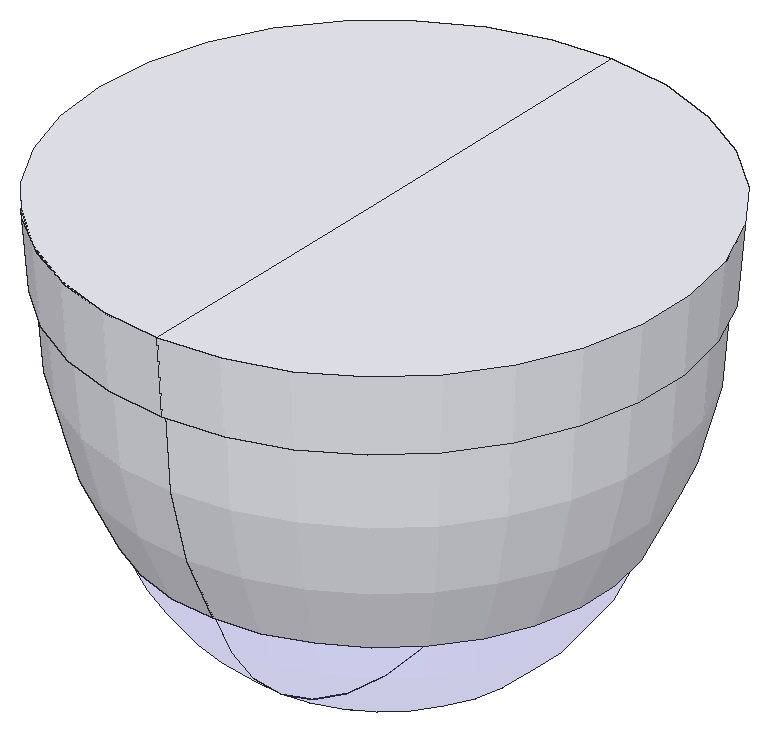
Revit family "PD4 C AP types Sans hôte", category Dispositifs d'éclairage, Revit 2019
Family settings
  Conserver l'orientation des annotations = Non
  Cote de connecteur circulaire = Utiliser le diamètre
  Type d'élément = Normal
  Basée sur le plan de construction = Oui
  Toujours verticalement = Oui
  Couper avec des vides une fois chargée = Non
  Partagée = Non
  Point de calcul de pièce = Non
Parameters (values of type "01- PD4 C AP Générique")
  zone detection 2800 [instance] = Position en hauteur < 280.1 cm  # yes
  Zone de detection [instance] = no
  URL = "http://www.luxomat.com"
  Type de Sortie = ""
  Température ambiante = "-25°C à +50°C"
  Référence = ""
  Relais = ""
  Position en hauteur [instance] = 250 cm
  Portée frontale 360° [instance] = 800 cm  # constant formula
  Portée frontale 180° [instance] = 2000 cm  # constant formula
  Portée de biais [instance] = 4000 cm  # constant formula
  Mode de pose = "Saillie"
  Hauteur de montage max préconisée [instance] = Hauteur de montage max  # 280 cm
  Hauteur de montage max = 280 cm
  Etiquette [instance] = yes
  Modèle = "PD4 C AP"
  Marque = "LUXOMAT"
  Image du type = COULOIR.jpg
  IP = "44 ou 54"
  Fabricant = "B.E.G."
  Default Elevation = 0 cm
  Consommation = ""
  Commentaires du type = "DET.PRES.SPECIAL COULOIR.180/360°/2x10M APPARENT"
  Code d'assemblage = "D5010200"
  Classe = "II"
  Charge LED = ""
  Charge Cos ɸ =1 = ""
  Charge Cos ɸ =0.5 = ""
  Alimentation = "110-240 V AC"
Types (16, lengths in cm): name | URL | Type de Sortie | Référence | Relais | Modèle | IP | Consommation | Commentaires du type | Charge LED | Charge Cos ɸ =1 | Charge Cos ɸ =0.5 | Alimentation
  (no name) | "http://www.luxomat.com" | "" | "" | "" | "PD4 C AP" | "44 ou 54" | "" | "DET.PRES.SPECIAL COULOIR.180/360°/2x10M APPARENT" | "" | "" | "" | "110-240 V AC"
  01- PD4 C AP Générique | "http://www.luxomat.com" | "" | "" | "" | "PD4 C AP" | "44 ou 54" | "" | "DET.PRES.SPECIAL COULOIR.180/360°/2x10M APPARENT" | "" | "" | "" | "110-240 V AC"
  02- PD4N 1C C AP réf 92270 | "http://www.luxomat.com" | "TOR" | "92270" | "10 A" | "PD4N 1C C AP" | "44" | "0,25 W" | "DET.MOUV.SPECIAL COULOIR.1 CONTACT.180/360°/2x10M APPARENT" | "300 W" | "2300 W" | "1150 VA" | "110-240 V AC"
  03- PD4 M 1C C AP réf 92587 | "http://www.luxomat.fr" | "TOR" | "92587" | "10 A" | "PD4 M 1C C AP" | "54" | "0.45 W" | "DET.PRES.SPECIAL COULOIR.MAITRE.1 CONTACT.180/360°/2x10M APPARENT" | "300 W" | "2300 W" | "1150 VA" | "110-240 V AC"
  04- PD4 M 1C C SP AP réf 92485 | "http://www.luxomat.com" | "TOR / Sécurité Positive" | "92485" | "10 A" | "PD4 M 1C C SP AP" | "54" | "0,45 W" | "DET.PRES.SPECIAL COULOIR.MAITRE.1 CONTACT.SECURITE POSITIVE.180/360°/2x10M APPARENT" | "300 W" | "2300 W" | "1150 VA" | "110-240 V AC"
  05- PD4 M 2C C AP réf 92440 | "http://www.luxomat.com" | "TOR + CVC" | "92440" | "10 A / 3 A" | "PD4 M 2C C AP" | "54" | "0,47 W" | "DET.PRES.SPECIAL COULOIR.MAITRE.2 CONTACTS.180/360°/2x10M APPARENT" | "300 W" | "2300 W" | "1150 VA" | "110-240 V AC"
  08- PD4 M DIM C AP réf 92218 | "http://www.luxomat.com" | "DIM (50 ballasts maxi)" | "92218" | "10 A" | "PD4 M DIM C AP" | "54" | "0,50 W" | "DET.PRES.SPECIAL COULOIR.MAITRE.DIM(1-10V).180/360°/2x10M APPARENT" | "300 W" | "2300 W" | "1150 VA" | "110-240 V AC"
  06- PD4N M DACO C AP réf 93460 | "http://www.luxomat.com" | "DALI 2  (40 drivers maxi)" | "93460+93465+93073" | "0" | "PD4N M DACO C AP" | "54" | "2 W" | "DET.PRES.SPECIAL COULOIR.MAITRE.DALI 2.180/360°/2x10M APPARENT + KIT AP réf 93465 + Lentille Couloir réf 93073" | "0" | "0" | "0" | "110-240 V AC"
  13- PD4N KNX C DX AP réf 93389 | "http://www.luxomat.com" | "KNX - 1 sortie Eclairage TOR ou GRADATION / 3 sorties Présence / Capteur de température et bruit" | "93389+93307" | "0" | "PD4N KNX C DX AP" | "54" | "12 mA" | "DET.PRES.SPECIAL COULOIR.KNX.VERSION DELUXE.180/360°/2x10M ENCASTRE + KIT AP réf 93307" | "0" | "0" | "0" | "24 V DC par Bus KNX"
  09- PD4 S C AP réf 92442 | "http://www.luxomat.com" | "Esclave" | "92442" | "0" | "PD4 S C AP" | "54" | "0,25 W" | "DET.PRES.SPECIAL COULOIR.ESCLAVE.180/360°/2x10M APPARENT" | "0" | "0" | "0" | "110-240 V AC"
  12- PD4N BMS DALI 2 C AP réf 93546 | "http://www.luxomat.com" | "DALI 2 adressable - BMS" | "93546+93307+93073" | "0" | "PD4N BMS DALI 2 C AP" | "54" | "7 mA" | "MULTI.CAPTEUR.PRES.SPECIAL COULOIR.BMS.DALI2.180/360°/2x10M APPARENT + KIT AP réf 93307 + Lentille Couloir réf 93073" | "0" | "0" | "0" | "10-22 V DC par Bus DALI"
  11- PD4N DALISYS C AP réf 93340 | "http://www.luxomat.com" | "DALI adressable" | "93340+93307+93073" | "0" | "PD4N DALISYS C AP" | "54" | "7 mA" | "MULTI.CAPTEUR.PRES.SPECIAL COULOIR.DALILINK.180/360°/2x10M ENCASTRE + KIT AP réf 93307 + Lentille Couloir réf 93073\r\nMULTI.CAPTEUR.PRES.SPECIAL COULOIR.DALILINK.180/360°/2x10M ENCASTRE + KIT AP réf 93307 + Lentille Couloir réf 93073\r\nMULTI.CAPTEUR.PRES.SPECIAL COULOIR.DALISYS.180/360°/2x10M ENCASTRE + KIT AP réf 93307 + Lentille Couloir réf 93073" | "0" | "0" | "0" | "10-22 V DC par Bus DALI"
  10- PD4N DALILINK C AP réf 93377 | "http://www.luxomat.com" | "DALILINK" | "93377+93307+93073" | "0" | "PD4N DALILINK C AP" | "54" | "7 mA" | "MULTI.CAPTEUR.PRES.SPECIAL COULOIR.DALILINK.180/360°/2x10M ENCASTRE + KIT AP réf 93307 + Lentille Couloir réf 93073\r\nMULTI.CAPTEUR.PRES.SPECIAL COULOIR.DALILINK.180/360°/2x10M ENCASTRE + KIT AP réf 93307 + Lentille Couloir réf 93073\r\nMULTI.CAPTEUR.PRES.SPECIAL COULOIR.DALISYS.180/360°/2x10M ENCASTRE + KIT AP réf 93307 + Lentille Couloir réf 93073" | "0" | "0" | "0" | "16 V DC par Bus DALI"
  14- PD4N KNXs C ST AP réf 93515 | "http://www.luxomat.com" | "KNX Sécure - 1 sortie Eclairage TOR ou GRADATION / 3 sorties Présence / HCL" | "93515+93307+93073" | "0" | "PD4N KNXs C ST AP" | "54" | "12 mA" | "DET.PRES.SPECIAL COULOIR.KNX Sécure.VERSION STANDARD.180/360°/2x10M ENCASTRE + KIT AP réf 93307 + Lentille Couloir réf 93073" | "0" | "0" | "0" | "24 V DC par Bus KNX"
  15- PD4N KNXs C DX AP réf 93517 | "http://www.luxomat.com" | "KNX Sécure - 1 sortie Eclairage TOR ou GRADATION / 3 sorties Présence / Capteur de température et bruit / HCL" | "93517+93307+93073" | "0" | "PD4N KNXs C DX AP" | "54" | "12 mA" | "DET.PRES.SPECIAL COULOIR.KNX Sécure.VERSION DELUXE.180/360°/2x10M ENCASTRE + KIT AP réf 93307 + Lentille Couloir réf 93073" | "0" | "0" | "0" | "24 V DC par Bus KNX"
  07- PD4N M DACO 1C C AP réf 93463 | "http://www.luxomat.com" | "DALI 2 (40 drivers maxi) + Contact NO" | "93463+93465+93073" | "10 A" | "PD4N M DACO 1C C AP" | "54" | "2 W" | "DET.PRES.SPECIAL COULOIR.MAITRE.DALI 2 + CONTACT NO.180/360°/2x10M APPARENT + KIT AP réf 93465 + Lentille Couloir réf 93073" | "300 W" | "2300 W" | "1150 VA" | "110-240 V AC"
Reference planes (cm)
  plane 1 "Centre (avant/arrière)": y = 0
  plane 2: z = 0
  plane 3 "Centre (gauche/droite)": x = 0
Dimensions and locks (cm)
  aligned and locked: level to plane 2
  aligned and locked: nested 2 to plane 3 "Centre (gauche/droite)"
  aligned and locked: nested 2 to plane 1 "Centre (avant/arrière)"
  aligned and locked: nested 2 to nested 3  (x2)
  aligned and locked: nested 2 to nested 4  (x2)
Nested families (cm)
  nested 1: "Famille4" at (6, -62.0756, 0), visible <- "Etiquette", modèle <- "Modèle", référence <- "Référence", type "Famille4"
    with référence "", modèle "PD4 C AP"
  nested 2: "zone I" at (0, 0, 0), visible <- "Zone de detection", zone 2800 <- "zone detection 2800", type "zone I"
    with zone 2800 yes, biais 2400 cm
  nested 3: "Symbole plafond 2D couloir" at (0, 0, 0), type "Symbole plafond 2D couloir"
  nested 4: "M14" at (0, 0, 0), type "Standard"
Connectors (cm)
  electrical at (0, 0, 0)
    settings: index 1, voltage 230 V, apparent load 0 VA, apparent load phase1 0 VA, apparent load phase2 0 VA, apparent load phase3 0 VA, power factor 1, load classification "Eclairage", number of poles 1, system type 31, power factor state 1, is connector primary yes, connector utility no, sub classification motor no, connector description ""
Definition of nested family "M14"
  Reference planes (cm)
    plane 1 "Centre (avant/arrière)": y = 0
    plane 2: z = 0
    plane 3 "Centre (gauche/droite)": x = 0
    plane 4: x = 0
  Forms (cm)
    Revolve 1, solid
      sketch origin (0, 0, 0) x (0, -1, 0) y (0, 0, 1)
        loop
          line (0, 0) -> (-5.05, 0) -> (-4.9363, -1.3) -> (-4.8363, -1.3)
          arc (-4.8363, -1.3) -> (-4.577, -3.2225) -> (-3.8, -5) r 7
          line (-3.8, -5) -> (0, -5) -> (0, 0)
        axis (0, 0) -> (0, -5)
      angle from 0 to 360
    Revolve 2, solid
      sketch origin (0, 0, 0) x (0, -1, 0) y (0, 0, 1)
        loop
          line (0, -7.6) -> (0, -5) -> (-3.75, -5)
          arc (-3.75, -5) -> (-2.2816, -6.8864) -> (0, -7.6) r 4.0043
        axis (0, -5) -> (0, -7.6)
      angle from 0 to 360
    Revolve 3, solid, not visible
      sketch origin (0, 0, 0) x (0, -1, 0) y (0, 0, 1)
        loop
          line (0, 0) -> (-5.05, 0) -> (-4.9363, -1.3) -> (-4.8363, -1.3)
          arc (-4.8363, -1.3) -> (-4.577, -3.2225) -> (-3.8, -5) r 7
          line (-3.8, -5) -> (0, -5) -> (0, 0)
        axis (0, 0) -> (0, -5)
      angle from 0 to 360
    Revolve 4, solid, not visible
      sketch origin (0, 0, 0) x (0, -1, 0) y (0, 0, 1)
        loop
          line (0, -7.6) -> (0, -5) -> (-3.75, -5)
          arc (-3.75, -5) -> (-2.2816, -6.8864) -> (0, -7.6) r 4.0043
        axis (0, -5) -> (0, -7.6)
      angle from 0 to 360
  Dimensions and locks (cm)
    aligned and locked: level to plane 2
Definition of nested family "Famille4"
  Parameters (values of type "Famille4")
    référence [instance] = ""
    modèle [instance] = ""
  Reference planes (cm)
    plane 1: y = 0
    plane 2: x = 0
  Text (cm)
    label "référence\nmodèle" at (-0.0547, 0.0091, 0), shows "référence", "modèle"
Definition of nested family "zone I"
  Parameters (values of type "zone I")
    zone 2800 [instance] = yes
    frontale 360° [instance] = 800 cm
    biais [instance] = 4000 cm
    frontale 180° [instance] = 2000 cm
  Reference planes (cm)
    plane 1 "Centre (avant/arrière)": y = 0
    plane 2: z = 0
    plane 3 "Centre (gauche/droite)": x = 0
    plane 4: x = 1000
    plane 5: x = -1000
    plane 6: y = 150
    plane 7: y = -150
    plane 8 "Centre (avant/arrière)": y = 0
    plane 9 "Centre (gauche/droite)": x = 0
    plane 10 "Centre (avant/arrière)": y = 0
    plane 11 "Centre (gauche/droite)": x = 0
  Lines and regions (cm)
    detail lines, in view "Niveau de réf.", visible <- "zone 2800"
      curve 1: line (628.4735, 0, 0) -> (545.5285, 0, 0)
      curve 2: line (545.5285, 0, 0) -> (573.8969, -22.1638, 0)
      curve 3: line (545.5285, 0, 0) -> (573.8969, 22.1638, 0)
      curve 4: line (0, -303.6554, 0) -> (0, -220.7104, 0)
      curve 5: line (0, -220.7104, 0) -> (-22.1638, -249.0788, 0)
      curve 6: line (0, -220.7104, 0) -> (22.1638, -249.0788, 0)
      curve 7: spline (-372.7692, 145.0624, 0) -> (-523.6863, 149.8316, 0) -> (-672.4215, 140.7991, 0) -> (-805.2741, 118.7969, 0) -> (-910.0066, 85.8517, 0) -> (-976.9713, 44.9984, 0) -> (-1000, 0, 0) -> (-976.9713, -44.9984, 0) -> (-910.0066, -85.8517, 0) -> (-805.2741, -118.7969, 0) -> (-672.4215, -140.7991, 0) -> (-523.6863, -149.8316, 0) -> (-372.7692, -145.0624, 0)
      curve 8: arc (-372.7692, -145.0624, 0) -> (0, -400, 0) -> (372.7692, -145.0624, 0) r 400
      curve 9: spline (372.7692, 145.0624, 0) -> (523.6863, 149.8316, 0) -> (672.4215, 140.7991, 0) -> (805.2741, 118.7969, 0) -> (910.0066, 85.8517, 0) -> (976.9713, 44.9984, 0) -> (1000, 0, 0) -> (976.9713, -44.9984, 0) -> (910.0066, -85.8517, 0) -> (805.2741, -118.7969, 0) -> (672.4215, -140.7991, 0) -> (523.6863, -149.8316, 0) -> (372.7692, -145.0624, 0)
      curve 10: arc (372.7692, 145.0624, 0) -> (0, 400, 0) -> (-372.7692, 145.0624, 0) r 400
    detail lines, in view "Niveau de réf.", visible <- "zone 2800", not visible
      curve 11: line (628.0656, -64.277, 0) -> (628.0656, 18.6681, 0)
      curve 12: line (628.0656, 18.6681, 0) -> (605.9018, -9.7003, 0)
      curve 13: line (628.0656, 18.6681, 0) -> (650.2294, -9.7003, 0)
      curve 14: line (628.0656, -64.277, 0) -> (628.0656, 18.6681, 0)
      curve 15: line (628.0656, 18.6681, 0) -> (605.9018, -9.7003, 0)
      curve 16: line (628.0656, 18.6681, 0) -> (650.2294, -9.7003, 0)
  Dimensions and locks (cm)
    aligned and locked: curve 4 to plane 11 "Centre (gauche/droite)"
    aligned and locked: curve 1 to plane 10 "Centre (avant/arrière)"
Definition of nested family "Symbole plafond 2D couloir"
  Reference planes (cm)
    plane 1: y = 0
    plane 2: x = 0
  Lines and regions (cm)
    Filled region 1, type "rouge"
      outline origin (0, 0, 0) x (1, 0, 0) y (0, 1, 0)
        loop
          circle (0, 0) r 0.0294
    detail lines
      curve 1: arc (-0.0294, 0, 0) -> (0, -0.0294, 0) -> (0.0294, 0, 0) r 0.0294
      curve 2: arc (0.0294, 0, 0) -> (0, 0.0294, 0) -> (-0.0294, 0, 0) r 0.0294
      curve 3: arc (-0.1768, 0.102, 0) -> (-0.2041, 0, 0) -> (-0.1768, -0.102, 0) r 0.204
      curve 4: arc (0.1766, -0.102, 0) -> (0.2039, 0, 0) -> (0.1766, 0.102, 0) r 0.204
      curve 5: arc (-0.1404, 0.081, 0) -> (-0.1621, 0, 0) -> (-0.1404, -0.081, 0) r 0.162
      curve 6: arc (0.1402, -0.081, 0) -> (0.1619, 0, 0) -> (0.1402, 0.081, 0) r 0.162
      curve 7: arc (-0.104, 0.06, 0) -> (-0.1201, 0, 0) -> (-0.104, -0.06, 0) r 0.12
      curve 8: arc (0.1038, -0.06, 0) -> (0.1199, 0, 0) -> (0.1038, 0.06, 0) r 0.12
